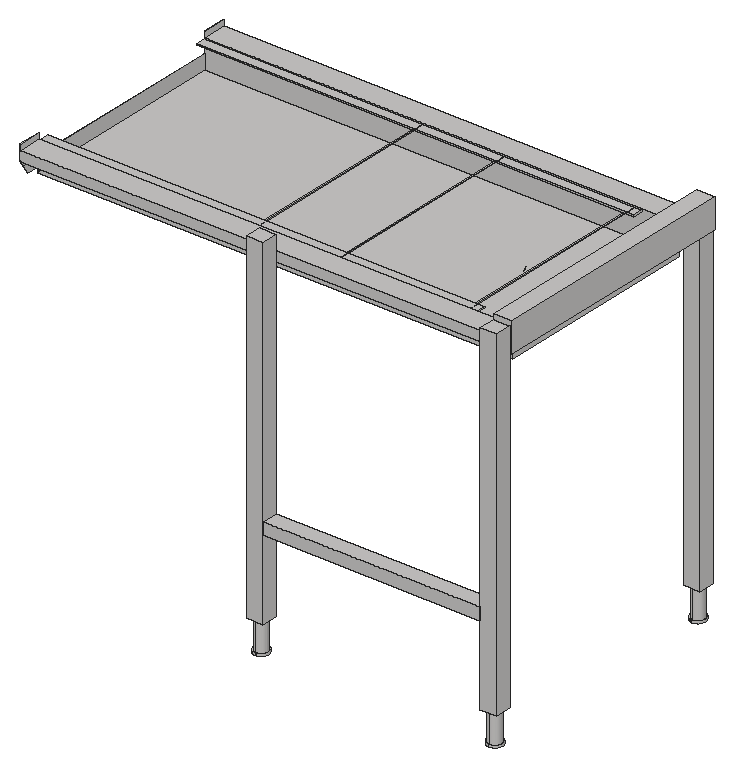
Revit family "QF_ELECTROLUXPROFESSIONAL_863132_HSSL12", category Specialty Equipment, Revit 2018
Family settings
  Round Connector Dimension = Use Diameter
  Part Type = Normal
  Work Plane-Based = No
  Always vertical = Yes
  Cut with Voids When Loaded = No
  Shared = No
  Room Calculation Point = No
Parameters
  Weight = 0.00 kg
  Watts = 0 W
  Volts = 0 V
  URL Manufacturer = "http://professional.electrolux.com/"
  URL = "http://professional.electrolux.com/"
  Steam Supply Size = 0 mm
  Steam Supply Minimum Pressure = 0.0 Pa
  Steam Supply Maximum Pressure = 0.0 Pa
  Steam Pounds per Hour = 0
  Refrigeration Suction Line Size = 0 mm
  Refrigeration Liquid Line Size = 0 mm
  Refrigerant Compressor Remote = yes
  Manufacturer = "Electrolux"
  Phase = 0
  Model = "HSSL12"
  Length Actual = 1200 mm  # constant formula
  Item Number = "863132"
  Hot Water Size = 0 mm
  Height Actual = 922 mm  # constant formula
  HP = "0 HP"
  Gas Size = 0 mm
  Gas KW = 0
  Gas Input Pressure = 0 W
  Description = "SIDE LOADER, DW DRIVEN L=1200"
  Depth Actual = 623 mm  # constant formula
  Cycle = 0 Hz
  Condensate Return Size = 0 mm
  Compressed Air Volume = 0.0 L/s
  Compressed Air Size = 0 mm
  Compressed Air Pressure = 0.0 Pa
  Cold Water Size = 0 mm
  Accessory = yes
Reference planes
  plane 1 "Centro (Fronte/Retro)": y = 74.737
  plane 2: z = 0
  plane 3 "LEFT": x = -1438.761
  plane 4 "BACK": y = 384.737
  plane 5 "FRONT": y = -235.263
  plane 6 "RIGHT": x = -238.761
  plane 7: z = 887.1
  plane 8: x = -548.761
Forms (mm)
  Extrusion 1, solid, material "QF_Finishes_Stainless Steel"
    sketch origin (11.239, 0, 0) x (0, 1, 0) y (0, 0, 1)
      loop
        line (-235.263, 874.1) -> (-235.263, 850.033) -> (-178.263, 850.033) -> (-178.263, 874.1) -> (-235.263, 874.1)
      loop
        line (384.737, 874.1) -> (327.737, 874.1) -> (327.737, 850.033) -> (384.737, 850.033) -> (384.737, 874.1)
    from -1448.8 to -293.54
  Extrusion 2, solid, material "QF_Finishes_Stainless Steel"
    sketch origin (11.239, 0, 0) x (0, 1, 0) y (0, 0, 1)
      loop
        line (-179.749, 850.033) -> (-179.749, 800.081) -> (329.266, 800.081) -> (329.266, 850.033) -> (327.737, 850.033) -> (327.737, 803.081) -> (-178.263, 803.081) -> (-178.263, 850.033) -> (-179.749, 850.033)
    from -1448.8 to -293.54
  Extrusion 3, solid, material "QF_Finishes_Stainless Steel"
    sketch origin (1218.899, 723.253, 4000) x (0, 1, 0) y (0, 0, 1)
      loop
        line (-903.002, -3149.967) -> (-903.002, -3199.919) -> (-393.987, -3199.919) -> (-393.987, -3149.967) -> (-903.002, -3149.967)
    from -1500 to -1501.2
  Extrusion 4, solid, material "QF_Finishes_Stainless Steel"
    sketch origin (-548.761, 803.498, 0) x (0, 1, 0) y (0, 0, 1)
      loop
        line (-1079.929, 300) -> (-1079.929, 270) -> (-1039.929, 270) -> (-1039.929, 300) -> (-1079.929, 300)
    from -264.04 to 266.46
  Extrusion 5, solid, material "QF_Finishes_Stainless Steel"
    sketch origin (62.439, 723.253, 4000) x (0, 1, 0) y (0, 0, 1)
      loop
        line (-958.516, -3112.9) -> (-958.516, -3149.967) -> (-934.752, -3185.632) -> (-903.002, -3185.632) -> (-903.002, -3199.919) -> (-382.009, -3199.919) -> (-382.009, -3185.632) -> (-362.281, -3185.632) -> (-338.516, -3149.967) -> (-338.516, -3112.9) -> (-395.516, -3112.9) -> (-395.516, -3161.926) -> (-901.516, -3161.926) -> (-901.516, -3112.9) -> (-958.516, -3112.9)
    from -1500 to -1501.2
  Extrusion 6, solid, material "QF_Finishes_Stainless Steel"
    sketch origin (800, 74.737, 0) x (1, 0, 0) y (0, 0, 1)
      loop
        line (-1082.301, 922.1) -> (-1082.301, 850.033) -> (-1038.761, 850.033) -> (-1038.761, 922.1) -> (-1082.301, 922.1)
    from -310 to 310
  Extrusion 7, solid, material "QF_Finishes_Stainless Steel"
    sketch origin (11.239, 0, 40) x (0, 1, 0) y (0, 0, 1)
      loop
        line (-178.263, 831.1) -> (-178.263, 828.1) -> (-152.853, 828.1) -> (-152.853, 831.1) -> (-178.263, 831.1)
      loop
        line (327.737, 828.1) -> (327.737, 831.1) -> (302.405, 831.1) -> (302.405, 828.1) -> (327.737, 828.1)
    from -1448.8 to -381.964
  Extrusion 8, solid, material "QF_Finishes_Stainless Steel"
    sketch origin (0, 74.737, 0) x (1, 0, 0) y (0, 0, 1)
      loop
        circle (-394.266, 866.614) r 1.486
      loop
        circle (-710.724, 866.614) r 1.486
      loop
        circle (-910.724, 866.614) r 1.486
    from -253 to 253
  Revolve 9, solid, material "QF_Finishes_Stainless Steel"
    sketch origin (-548.761, 0, 182.048) x (0, 1, 0) y (0, 0, 1)
      loop
        line (74.737, 618.033) -> (-1.756, 618.033) -> (-1.756, 601.823) -> (0.354, 601.823)
        arc (0.354, 601.823) -> (3.64, 597.973) -> (0.351, 594.125) r 3.897
        line (0.351, 594.125) -> (-1.756, 594.125) -> (-1.756, 551.31)
        arc (-1.756, 551.31) -> (8.91, 520.632) -> (36.296, 503.17) r 49.497
        line (36.296, 503.17) -> (36.296, 500.684) -> (37.487, 497.398) -> (51.25, 491.407) -> (51.25, 455.535) -> (52.727, 454.059) -> (74.737, 454.059) -> (74.737, 618.033)
      axis (74.737, 454.059) -> (74.737, 618.033)
    angle from 0 to 360
Cuts and joins
  joined: Extrusion 1, Extrusion 2, Extrusion 3, Extrusion 5, Extrusion 6, Extrusion 7, Extrusion 8
Lines and regions (mm)
  Masking region 1
    outline origin (0, 0, 0) x (1, 0, 0) y (0, 1, 0)
      loop
        line (-1438.761, 384.737) -> (-1438.761, -235.263) -> (-238.761, -235.263) -> (-238.761, 384.737) -> (-1438.761, 384.737)
  Split face 1
    outline origin (-282.301, 327.737, 803.081) x (-1, 0, 0) y (0, -1, 0)
      loop
        circle (266.46, 253) r 53
  Split face 2
    outline origin (-282.301, 327.737, 803.081) x (-1, 0, 0) y (0, -1, 0)
      loop
        circle (266.46, 253) r 36
  Split face 3
    outline origin (-282.301, 327.737, 803.081) x (-1, 0, 0) y (0, -1, 0)
      loop
        circle (266.46, 253) r 9.1
  Split face 4
    outline origin (-282.301, 327.737, 803.081) x (-1, 0, 0) y (0, -1, 0)
      loop
        circle (266.46, 253) r 3
  Split face 5
    outline origin (-282.301, 327.737, 803.081) x (-1, 0, 0) y (0, -1, 0)
      loop
        circle (266.46, 253) r 26
  symbolic lines
    curve 1: line (-238.761, 384.737, 0) -> (-1438.761, 384.737, 0)
    curve 2: line (-238.761, -235.263, 0) -> (-238.761, 384.737, 0)
    curve 3: line (-1438.761, -235.263, 0) -> (-238.761, -235.263, 0)
    curve 4: line (-282.301, -178.263, 0) -> (-1438.761, -178.263, 0)
    curve 5: line (-282.301, -235.263, 0) -> (-282.301, 384.737, 0)
    curve 6: line (-370.724, -178.263, 0) -> (-370.724, -152.853, 0)
    curve 7: line (-370.724, -152.853, 0) -> (-1438.761, -152.853, 0)
    curve 8: line (-912.211, -152.853, 0) -> (-912.211, 302.327, 0)
    curve 9: line (-1438.761, 327.737, 0) -> (-282.301, 327.737, 0)
    curve 10: line (-909.239, 302.327, 0) -> (-909.239, -152.853, 0)
    curve 11: line (-395.752, -152.853, 0) -> (-395.752, 302.327, 0)
    curve 12: line (-392.779, 302.147, 0) -> (-392.779, -152.853, 0)
    curve 13: line (-370.724, 327.737, 0) -> (-370.724, 302.327, 0)
    curve 14: line (-370.724, 302.327, 0) -> (-1438.761, 302.327, 0)
    curve 15: line (-1438.761, 74.737, 0) -> (-1408.761, 74.737, 0)
    curve 16: line (-548.761, -235.263, 0) -> (-548.761, -205.263, 0)
    curve 17: arc (-548.761, -1.756, 0) -> (-625.254, 74.737, 0) -> (-548.761, 151.231, 0) r 76.494
    curve 18: arc (-548.761, 151.231, 0) -> (-472.267, 74.737, 0) -> (-548.761, -1.756, 0) r 76.494
    curve 19: arc (-548.761, 96.747, 0) -> (-570.771, 74.737, 0) -> (-548.761, 52.727, 0) r 22.01
    curve 20: arc (-548.761, 52.727, 0) -> (-526.751, 74.737, 0) -> (-548.761, 96.747, 0) r 22.01
    curve 21: line (-712.211, -152.853, 0) -> (-712.211, 302.327, 0)
    curve 22: line (-709.239, 302.327, 0) -> (-709.239, -152.853, 0)
Dimensions and locks
  plane 3 "LEFT" to plane 6 "RIGHT" = 1200 mm
  equal spacing: plane 4 "BACK", plane 1 "Centro (Fronte/Retro)", plane 5 "FRONT"
  plane 4 "BACK" to plane 5 "FRONT" = 620 mm
  cut or joined group of Extrusion 1, Extrusion 2, Extrusion 3, Extrusion 5, Extrusion 6, Extrusion 7, Extrusion 8 to cut or joined group of Extrusion 1, Extrusion 2, Extrusion 3, Extrusion 5, Extrusion 6, Extrusion 7, Extrusion 8 = 506 mm
  Extrusion 8 sketch curve to Extrusion 8 sketch curve to Extrusion 8 sketch curve to plane 6 "RIGHT" = 200 mm locked, 316.459 mm locked, 155.505 mm locked
  plane 8 to plane 6 "RIGHT" = 310 mm
  aligned and locked: level to plane 2
Automatic sketch dimensions
  plane 5 "FRONT" to Extrusion 2 sketch curve = 55.514 mm
  Extrusion 2 sketch curve to Extrusion 2 sketch curve = 1.486 mm
  Extrusion 2 sketch curve to plane 4 "BACK" = 57 mm
  Extrusion 2 sketch curve to Extrusion 2 sketch curve = 1.529 mm
  Extrusion 2 sketch curve to plane 7 = 87.019 mm
  Extrusion 2 sketch curve to Extrusion 2 sketch curve = 3 mm
  Extrusion 2 sketch curve to plane 7 = 37.067 mm  (x2)
  plane 5 "FRONT" to Extrusion 3 sketch curve = 55.514 mm
  Extrusion 3 sketch curve to plane 4 "BACK" = 55.471 mm
  Extrusion 3 sketch curve to plane 7 = 87.019 mm
  Extrusion 3 sketch curve to plane 7 = 37.067 mm
  Masking region 1 sketch curve to plane 3 "LEFT" = 0 mm
  Masking region 1 sketch curve to plane 5 "FRONT" = 0 mm
  Masking region 1 sketch curve to plane 6 "RIGHT" = 0 mm
  Masking region 1 sketch curve to plane 4 "BACK" = 0 mm
  Extrusion 4 sketch curve to plane 5 "FRONT" = 41.168 mm
  Extrusion 4 sketch curve to plane 5 "FRONT" = 1.168 mm
  level to Extrusion 4 sketch curve = 270 mm
  Extrusion 4 sketch curve to Extrusion 4 sketch curve = 30 mm
  Extrusion 5 sketch curve to plane 5 "FRONT" = 0 mm
  Extrusion 5 sketch curve to plane 7 = 0 mm  (x2)
  Extrusion 5 sketch curve to plane 4 "BACK" = 0 mm
  plane 5 "FRONT" to Extrusion 5 sketch curve = 23.764 mm
  Extrusion 5 sketch curve to Extrusion 5 sketch curve = 31.75 mm
  plane 5 "FRONT" to Extrusion 5 sketch curve = 57 mm
  Extrusion 5 sketch curve to plane 4 "BACK" = 57 mm
  Extrusion 5 sketch curve to Extrusion 5 sketch curve = 13.508 mm
  Extrusion 5 sketch curve to Extrusion 5 sketch curve = 19.728 mm
  Extrusion 5 sketch curve to plane 7 = 37.067 mm  (x2)
  Extrusion 5 sketch curve to Extrusion 5 sketch curve = 11.959 mm
  Extrusion 5 sketch curve to Extrusion 5 sketch curve = 23.706 mm  (x2)
  Extrusion 5 sketch curve to Extrusion 5 sketch curve = 14.287 mm
  Extrusion 6 sketch curve to plane 6 "RIGHT" = 0 mm
  Extrusion 6 sketch curve to plane 6 "RIGHT" = 43.54 mm
  Extrusion 6 sketch curve to plane 7 = 37.067 mm
  plane 7 to Extrusion 6 sketch curve = 35 mm
  plane 5 "FRONT" to Extrusion 7 sketch curve = 57 mm
  Extrusion 7 sketch curve to plane 4 "BACK" = 57 mm
  Extrusion 7 sketch curve to plane 7 = 16 mm  (x2)
  Extrusion 7 sketch curve to Extrusion 7 sketch curve = 25.41 mm
  Extrusion 7 sketch curve to Extrusion 7 sketch curve = 25.332 mm
  Extrusion 7 sketch curve to Extrusion 7 sketch curve = 3 mm  (x2)
  Extrusion 1 sketch curve to plane 5 "FRONT" = 0 mm
  Extrusion 1 sketch curve to plane 4 "BACK" = 0 mm
  plane 5 "FRONT" to Extrusion 1 sketch curve = 57 mm
  Extrusion 1 sketch curve to plane 7 = 13 mm  (x2)
  Extrusion 1 sketch curve to plane 4 "BACK" = 57 mm
  Extrusion 1 sketch curve to Extrusion 1 sketch curve = 24.067 mm
  Extrusion 1 sketch curve to plane 7 = 37.067 mm
  plane 1 "Centro (Fronte/Retro)" to Revolve 9 sketch curve = 76.494 mm
  Revolve 9 sketch curve to Revolve 9 sketch curve = 0 mm  (x2)
  Revolve 9 sketch curve to Revolve 9 sketch curve = 1.5 mm
  Revolve 9 sketch curve to Revolve 9 sketch curve = 2.107 mm
  Revolve 9 sketch curve to Revolve 9 sketch curve = 2.11 mm
  plane 1 "Centro (Fronte/Retro)" to Revolve 9 sketch curve = 38.441 mm
  Revolve 9 sketch curve to Revolve 9 sketch curve = 1.191 mm
  plane 1 "Centro (Fronte/Retro)" to Revolve 9 sketch curve = 26.996 mm
  Revolve 9 sketch curve to Revolve 9 sketch curve = 13.764 mm
  Revolve 9 sketch curve to Revolve 9 sketch curve = 1.476 mm  (x2)
  Revolve 9 sketch curve to Revolve 9 sketch curve = 22.01 mm
  Revolve 9 sketch curve to plane 7 = 250.993 mm
  Revolve 9 sketch curve to Revolve 9 sketch curve = 35.872 mm
  Revolve 9 sketch curve to Revolve 9 sketch curve = 5.991 mm
  Revolve 9 sketch curve to Revolve 9 sketch curve = 3.286 mm
  Revolve 9 sketch curve to Revolve 9 sketch curve = 2.486 mm
  Revolve 9 sketch curve to Revolve 9 sketch curve = 48.139 mm
  Revolve 9 sketch curve to Revolve 9 sketch curve = 42.815 mm
  Revolve 9 sketch curve to Revolve 9 sketch curve = 3.849 mm
  Revolve 9 sketch curve to Revolve 9 sketch curve = 66.706 mm
  Revolve 9 sketch curve to Revolve 9 sketch curve = 3 mm
  Revolve 9 sketch curve to Revolve 9 sketch curve = 14.991 mm
  Extrusion 8 sketch curve to plane 7 = 20.486 mm  (x3)
  cut or joined group of Extrusion 1, Extrusion 2, Extrusion 3, Extrusion 5, Extrusion 6, Extrusion 7, Extrusion 8 to Split face 1 sketch curve = 266.46 mm
  cut or joined group of Extrusion 1, Extrusion 2, Extrusion 3, Extrusion 5, Extrusion 6, Extrusion 7, Extrusion 8 to Split face 1 sketch curve = 253 mm
  cut or joined group of Extrusion 1, Extrusion 2, Extrusion 3, Extrusion 5, Extrusion 6, Extrusion 7, Extrusion 8 to Split face 2 sketch curve = 266.46 mm
  cut or joined group of Extrusion 1, Extrusion 2, Extrusion 3, Extrusion 5, Extrusion 6, Extrusion 7, Extrusion 8 to Split face 2 sketch curve = 253 mm
  cut or joined group of Extrusion 1, Extrusion 2, Extrusion 3, Extrusion 5, Extrusion 6, Extrusion 7, Extrusion 8 to Split face 3 sketch curve = 266.46 mm
  cut or joined group of Extrusion 1, Extrusion 2, Extrusion 3, Extrusion 5, Extrusion 6, Extrusion 7, Extrusion 8 to Split face 3 sketch curve = 253 mm
  cut or joined group of Extrusion 1, Extrusion 2, Extrusion 3, Extrusion 5, Extrusion 6, Extrusion 7, Extrusion 8 to Split face 4 sketch curve = 266.46 mm
  cut or joined group of Extrusion 1, Extrusion 2, Extrusion 3, Extrusion 5, Extrusion 6, Extrusion 7, Extrusion 8 to Split face 4 sketch curve = 253 mm
  cut or joined group of Extrusion 1, Extrusion 2, Extrusion 3, Extrusion 5, Extrusion 6, Extrusion 7, Extrusion 8 to Split face 5 sketch curve = 266.46 mm
  cut or joined group of Extrusion 1, Extrusion 2, Extrusion 3, Extrusion 5, Extrusion 6, Extrusion 7, Extrusion 8 to Split face 5 sketch curve = 253 mm
  curve 17 to curve 18 = 0 mm  (x2)
  curve 17 to curve 19 = 0 mm  (x2)
  curve 17 to curve 20 = 0 mm  (x2)
  curve 18 to curve 19 = 0 mm  (x2)
  curve 18 to curve 20 = 0 mm  (x2)
  curve 19 to curve 20 = 0 mm  (x2)
  curve 1 to plane 3 "LEFT" = 0 mm
  plane 1 "Centro (Fronte/Retro)" to curve 15 = 0 mm
  curve 15 to plane 3 "LEFT" = 0 mm
  curve 14 to plane 3 "LEFT" = 0 mm
  curve 3 to plane 3 "LEFT" = 0 mm
  curve 9 to plane 3 "LEFT" = 0 mm
  curve 4 to plane 3 "LEFT" = 0 mm
  curve 7 to plane 3 "LEFT" = 0 mm
  curve 16 to plane 5 "FRONT" = 0 mm
  curve 19 to plane 8 = 0 mm
  curve 5 to plane 4 "BACK" = 0 mm
  curve 2 to plane 6 "RIGHT" = 0 mm
  plane 1 "Centro (Fronte/Retro)" to curve 18 = 0 mm
  curve 13 to plane 6 "RIGHT" = 131.964 mm
  curve 7 to plane 6 "RIGHT" = 131.964 mm
  plane 5 "FRONT" to curve 6 = 82.41 mm
  curve 13 to plane 4 "BACK" = 82.41 mm
  curve 15 to curve 15 = 30 mm
  plane 5 "FRONT" to curve 16 = 30 mm
  plane 3 "LEFT" to curve 16 = 890 mm
  curve 8 to curve 16 = 363.45 mm
  curve 8 to curve 10 = 2.973 mm
  curve 21 to plane 8 = 163.45 mm
  curve 21 to curve 22 = 2.973 mm
  curve 11 to curve 13 = 25.027 mm
  curve 11 to curve 12 = 2.973 mm
  curve 5 to curve 1 = 43.54 mm
  curve 4 to curve 7 = 25.41 mm
  curve 18 to curve 17 = 76.494 mm
  curve 20 to curve 17 = 22.01 mm
  curve 12 to curve 11 = 0.181 mm
  curve 13 to curve 13 = 25.41 mm
  radius of Extrusion 8 sketch curve = 1.486 mm  (x3)
  radius of Split face 1 sketch curve = 53 mm
  radius of Split face 2 sketch curve = 36 mm
  radius of Split face 3 sketch curve = 9.1 mm
  radius of Split face 4 sketch curve = 3 mm
  radius of Split face 5 sketch curve = 26 mm
Nested families
  nested 1: "Foot_40x40" at (-832.801, -256.431, 0) x (0, 1, 0) z (0, 0, 1), type "Foot_40x40"
    with A 910 mm
  nested 2: "Foot_40x40" at (-262.253, -256.431, 0) x (0, 1, 0) z (0, 0, 1), type "Foot_40x40"
    with A 910 mm
  nested 3: "Foot_40x40" at (-262.253, 363.569, 0) x (0, 1, 0) z (0, 0, 1), type "Foot_40x40"
    with A 850.033 mm
Connectors
  piping at (-548.761, 74.737, 636.107), diameter 30
    settings: on Revolve 9, index 1, connector inside diameter 609.6 mm, connector length 0 mm, flow factor 0, pipe flow 0.0 L/s, pressure drop 0.0 Pa, fitting loss kfactor 0, connector angle 0.00°, fixture units 0, engagement length 0 mm, angle of deflection 0.00°, flow configuration 1, flow direction 2, fitting loss method 0, system type 16, joint type 0, gender type 0, connector reference index -1, connector utility 0, adjustable connector no, is connector primary yes, connector description "Drain"
Definition of nested family "Foot_40x40"
  Parameters
    A [instance] = 850 mm
  Reference planes
    plane 1 "Centro (Fronte/Retro)": y = 0
    plane 2: z = 0
    plane 3 "Centro (Sinistra/Destra)": x = 0
    plane 4: z = 850
  Forms (mm)
    Extrusion 1, solid
      sketch origin (0, 0, 0) x (1, 0, 0) y (0, 1, 0)
        loop
          circle (0, 0) r 18
      from 0 to 5
    Extrusion 2, solid
      sketch origin (0, 0, 5) x (1, 0, 0) y (0, 1, 0)
        loop
          circle (0, 0) r 15
      from 0 to 70
    Extrusion 3, solid
      sketch origin (0, 0, 75) x (1, 0, 0) y (0, 1, 0)
        loop
          line (-20, 20) -> (-20, -20) -> (20, -20) -> (20, 20) -> (-20, 20)
      from 0 to 775
  Dimensions and locks
    "A": plane 4 to plane 2
    aligned and locked: level to plane 2
    aligned and locked: plane 4 to Extrusion 3
    aligned and locked: Extrusion 1 to level
  Automatic sketch dimensions
    plane 1 "Centro (Fronte/Retro)" to Extrusion 1 sketch curve = 0 mm
    Extrusion 1 sketch curve to plane 3 "Centro (Sinistra/Destra)" = 0 mm
    Extrusion 3 sketch curve to Extrusion 3 sketch curve = 40 mm  (x2)
    radius of Extrusion 1 sketch curve = 18 mm
    radius of Extrusion 2 sketch curve to Extrusion 1 = 3 mm
